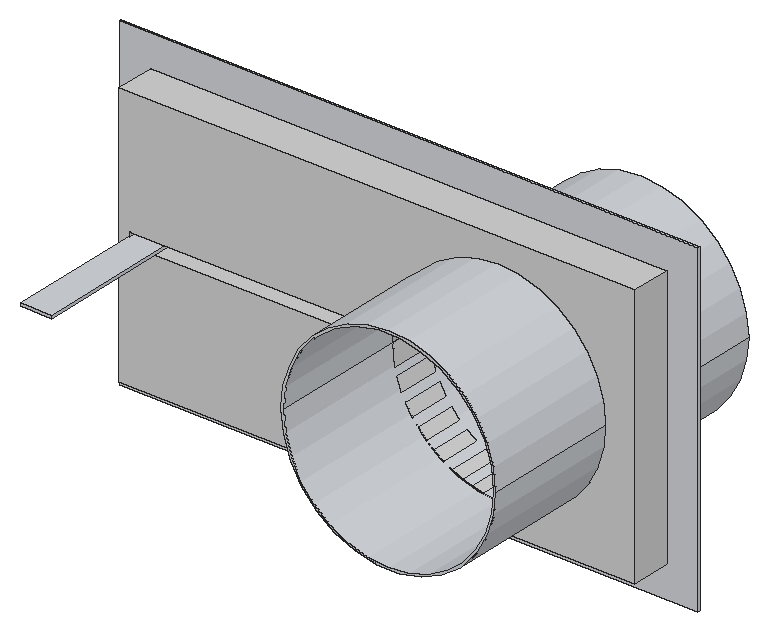
Revit family "НЕВАТОМ_Шибер-D_20220407", category Арматура воздуховодов, Revit 2017
Family settings
  Размер круглого соединителя = Использовать диаметр
  Тип детали = Вставляется
  На основе рабочей плоскости = Нет
  Всегда вертикально = Нет
  При загрузке вырезать с полостями = Нет
  Общий = Нет
Parameters (values of type "100")
  Материал корпуса = Материал корпуса
  t = 1 mm  # constant formula
  Nevatom_Частотный преобразователь = ""
  Nevatom_Регулятор расхода = ""
  Nevatom_URL = "https://t.me/NEVATOM_Bim_bot"
  Nevatom_ Для задания электроснабжения = ""
  L = 15 mm  # constant formula
  Dt = D + 2 * t  # 102 mm
  D+5 = D / 2 + 15 mm  # 65 mm
  B = 275 mm
  ADSK_Ток = 0 A
  ADSK_Размер_Ширина = 150 mm  # constant formula
  ADSK_Размер_Длина = B  # 275 mm
  ADSK_Размер_Высота = A  # 155 mm
  ADSK_Полная мощность = 0 VA
  ADSK_Напряжение = 0 V
  ADSK_Материал наименование = "Оцинкованная сталь"  # constant formula
  A = 155 mm
  20 = 20 mm
  150 = 150 mm
  D = 100 mm
  ADSK_Расход воздуха = 0.0 L/s
  ADSK_Примечание = ""
  ADSK_Потеря давления воздуха = 0.0 Pa
  ADSK_Позиция = ""
  ADSK_Наименование = "Шибер"
  ADSK_Масса_Текст = "кг"
  ADSK_Масса = 0
  ADSK_Марка = "100–ОЦ.–0,7–T2.T2"
  ADSK_Код изделия = ""
  ADSK_Завод-изготовитель = "NEVATOM"
  ADSK_Единица измерения = "шт."
Types (16, lengths in mm): name | Dt | D+5 | B | ADSK_Размер_Длина | ADSK_Размер_Высота | A | D | ADSK_Марка
  (no name) | 102 | 65 | 275 | 275 | 155 | 155 | 100 | "100–ОЦ.–0,7–T2.T2"
  100 | 102 | 65 | 275 | 275 | 155 | 155 | 100 | "100–ОЦ.–0,7–T2.T2"
  125 | 127 | 77.5 | 320 | 320 | 180 | 180 | 125 | "125–ОЦ.–0,7–T2.T2"
  160 | 162 | 95 | 405 | 405 | 225 | 225 | 160 | "160–ОЦ.–0,7–T2.T2"
  200 | 202 | 115 | 485 | 485 | 265 | 265 | 200 | "200–ОЦ.–0,7–T2.T2"
  250 | 252 | 140 | 585 | 585 | 315 | 315 | 250 | "250–ОЦ.–0,7–T2.T2"
  280 | 282 | 155 | 615 | 615 | 345 | 345 | 280 | "280–ОЦ.–0,7–T2.T2"
  315 | 317 | 172.5 | 715 | 715 | 380 | 380 | 315 | "315–ОЦ.–0,7–T2.T2"
  355 | 357 | 192.5 | 795 | 795 | 420 | 420 | 355 | "355–ОЦ.–0,7–T2.T2"
  400 | 402 | 215 | 885 | 885 | 465 | 465 | 400 | "400–ОЦ.–0,7–T2.T2"
  450 | 452 | 240 | 1005 | 1005 | 515 | 515 | 450 | "450–ОЦ.–0,7–T2.T2"
  500 | 502 | 265 | 1085 | 1085 | 565 | 565 | 500 | "500–ОЦ.–0,7–T2.T2"
  560 | 562 | 295 | 1205 | 1205 | 625 | 625 | 560 | "560–ОЦ.–0,7–T2.T2"
  630 | 632 | 330 | 1365 | 1365 | 695 | 695 | 630 | "630–ОЦ.–0,7–T2.T2"
  710 | 712 | 370 | 1505 | 1505 | 782 | 782 | 710 | "710–ОЦ.–0,7–T2.T2"
  800 | 802 | 415 | 1685 | 1685 | 885 | 885 | 800 | "800–ОЦ.–0,7–T2.T2"
Reference planes
  plane 1 "По центру (Вперед/Назад)": y = 0
  plane 2: z = 0
  plane 3 "По центру (Влево/Вправо)": x = 0
  plane 4: z = 62.5
  plane 5: z = -62.5
  plane 6: y = 10
  plane 7: y = -75
  plane 8: y = 75
  plane 9: y = -10
  plane 10: x = 80
  plane 11: x = -195
  plane 12: z = 77.5
  plane 13: z = -77.5
  plane 14: x = -180
  plane 15: x = 65
  plane 16: x = -175
Forms (mm)
  Extrusion 1, solid
    sketch origin (-112.5, 0, 0) x (1, 0, 0) y (0, 0, 1)
      loop
        circle (112.5, 0) r 50
      loop
        circle (112.5, 0) r 51
    from -75 to 75
  Extrusion 2, solid, material "Материал корпуса" <- "Материал корпуса"
    sketch origin (-112.5, 0, 0) x (1, 0, 0) y (0, 0, 1)
      loop
        line (-67.5, 62.5) -> (-67.5, -62.5) -> (177.5, -62.5) -> (177.5, 62.5) -> (-67.5, 62.5)
    from -10 to 10
  Extrusion 3, solid
    sketch origin (-112.5, 0, 0) x (1, 0, 0) y (0, 0, 1)
      loop
        line (-82.5, 77.5) -> (-82.5, -77.5) -> (192.5, -77.5) -> (192.5, 77.5) -> (-82.5, 77.5)
      loop
        line (-67.5, 62.5) -> (-67.5, -62.5) -> (177.5, -62.5) -> (177.5, 62.5) -> (-67.5, 62.5)
    from -10 to -9
  Extrusion 4, void
    sketch origin (-112.5, 0, 0) x (1, 0, 0) y (0, 0, 1)
      loop
        circle (112.5, 0) r 50
    from -75 to 75
  Extrusion 5, void
    sketch origin (-112.5, 0, 0) x (1, 0, 0) y (0, 0, 1)
      loop
        line (-62.5, 3) -> (-62.5, -3) -> (39.5, -3) -> (39.5, 3) -> (-62.5, 3)
    from 0 to 10
  Extrusion 6, solid
    sketch origin (-112.5, 0, 0) x (1, 0, 0) y (0, 0, 1)
      loop
        line (-62.5, 1.198) -> (-62.5, 0) -> (-47.5, 0) -> (-47.5, 1.198) -> (-62.5, 1.198)
    from 0 to 75
Cuts and joins
  Extrusion 4 cuts Extrusion 1
  Extrusion 4, Extrusion 5 cuts Extrusion 2
Dimensions and locks
  equal spacing: plane 6, plane 1 "По центру (Вперед/Назад)", plane 9
  "20": plane 6 to plane 9
  equal spacing: plane 8, plane 1 "По центру (Вперед/Назад)", plane 7
  "150": plane 8 to plane 7
  plane 11 to plane 3 "По центру (Влево/Вправо)" to plane 10 = 195 mm, 80 mm
  "B": plane 11 to plane 10
  plane 3 "По центру (Влево/Вправо)" to plane 10 = 80 mm
  "A": plane 12 to plane 13
  plane 10 to plane 11 = 275 mm
  equal spacing: plane 12, level, plane 13
  "L": plane 5 to plane 13
  "L": plane 12 to plane 4
  "L": plane 14 to plane 11
  "L": plane 10 to plane 15
  "t": plane 6 to Extrusion 3
  locked: plane 16 to plane 14 at 5
  equal spacing: Extrusion 5 sketch curve, level, Extrusion 5 sketch curve
  locked: Extrusion 5 sketch curve to Extrusion 5 sketch curve at 6
  plane 6 to plane 7 = 85 mm
  locked: Extrusion 6 sketch curve to plane 16 at 15
  locked: Extrusion 6 sketch curve to level at 1.198
  "Dt": plane 16 to cut or joined group of Extrusion 2, Extrusion 4, Extrusion 5
  "D+5": plane 3 "По центру (Влево/Вправо)" to plane 15
  "D": diameter of Extrusion 1 sketch curve
  "Dt": diameter of Extrusion 1 sketch curve
  "D": diameter of Extrusion 4 sketch curve
  aligned and locked: level to plane 2
  aligned and locked: plane 8 to Extrusion 1
  aligned and locked: Extrusion 1 to plane 7
  aligned and locked: plane 5 to Extrusion 2 sketch curve
  aligned and locked: Extrusion 2 sketch curve to plane 15
  aligned and locked: Extrusion 2 sketch curve to plane 4
  aligned and locked: plane 14 to Extrusion 2 sketch curve
  aligned and locked: plane 6 to Extrusion 2
  aligned and locked: Extrusion 2 to plane 9
  aligned and locked: Extrusion 2 to plane 6
  aligned and locked: plane 9 to Extrusion 2
  aligned and locked: Extrusion 3 sketch curve to plane 4
  aligned and locked: Extrusion 3 sketch curve to plane 12
  aligned and locked: plane 14 to Extrusion 3 sketch curve
  aligned and locked: plane 11 to Extrusion 3 sketch curve
  aligned and locked: plane 5 to Extrusion 3 sketch curve
  aligned and locked: plane 13 to Extrusion 3 sketch curve
  aligned and locked: Extrusion 3 sketch curve to plane 15
  aligned and locked: Extrusion 3 sketch curve to plane 10
  aligned and locked: plane 6 to Extrusion 3
  aligned and locked: Extrusion 3 to plane 6
  aligned and locked: Extrusion 1 to Extrusion 4  (x2)
  aligned and locked: cut or joined group of Extrusion 2, Extrusion 4, Extrusion 5 to plane 9
  aligned and locked: plane 16 to Extrusion 5 sketch curve
  aligned and locked: plane 9 to cut or joined group of Extrusion 2, Extrusion 4, Extrusion 5  (x2)
  aligned and locked: plane 16 to Extrusion 6 sketch curve
  aligned and locked: plane 2 to Extrusion 6 sketch curve
  aligned and locked: Extrusion 6 to plane 1 "По центру (Вперед/Назад)"
  aligned and locked: Extrusion 6 to plane 16  (x2)
  aligned and locked: Extrusion 6 to plane 7
  aligned and locked: cut or joined group of Extrusion 2, Extrusion 4, Extrusion 5 to plane 16
  aligned and locked: cut or joined group of Extrusion 2, Extrusion 4, Extrusion 5 to plane 1 "По центру (Вперед/Назад)"
  aligned and locked: plane 1 "По центру (Вперед/Назад)" to Extrusion 6
  aligned and locked: cut or joined group of Extrusion 1, Extrusion 4 to plane 7
  aligned and locked: plane 8 to cut or joined group of Extrusion 1, Extrusion 4
  aligned and locked: nested 1 to Extrusion 6  (x2)
  aligned and locked: Extrusion 6 to nested 1
Automatic sketch dimensions
  Extrusion 5 sketch curve to plane 3 "По центру (Влево/Вправо)" = 73 mm
  Extrusion 1 sketch curve to Extrusion 1 sketch curve = 0 mm  (x2)
  Extrusion 1 sketch curve to level = 0 mm
  Extrusion 1 sketch curve to plane 3 "По центру (Влево/Вправо)" = 0 mm
  Extrusion 4 sketch curve to level = 0 mm
  Extrusion 4 sketch curve to plane 3 "По центру (Влево/Вправо)" = 0 mm
Nested families
  nested 1: "НЕВАТОМ_QR-AxB" at (-185, -50, 0), type "Nevatom_Logo_50x50", not visible
Connectors
  hvac at (0, -75, 0), driven by "D"
    settings: on cut or joined group of Extrusion 1, Extrusion 4, index 1, duct flow 0.0 L/s, flow factor 0, pres drop 0.0 Pa, loss coef 0, conn angle 0.00°, conn width 304.8 mm, conn height 304.8 mm, conn diameter 100 mm, duct sys type 28, conn prof type 0, flow config 0, flow direction 0, loss method 0, conn ref index 2, conn util no, is conn primary yes, conn desc ""
  hvac at (0, 75, 0), driven by "D"
    settings: on cut or joined group of Extrusion 1, Extrusion 4, index 2, duct flow 0.0 L/s, flow factor 0, pres drop 0.0 Pa, loss coef 0, conn angle 0.00°, conn width 304.8 mm, conn height 304.8 mm, conn diameter 100 mm, duct sys type 28, conn prof type 0, flow config 0, flow direction 0, loss method 0, conn ref index 1, conn util no, is conn primary no, conn desc ""
Definition of nested family "НЕВАТОМ_QR-AxB"
  Parameters (values of type "Nevatom_Logo_25x25")
    Logo_Image = none
    L = 2 mm
    B = A  # 25 mm
    A = 25 mm
  Types (5, lengths in mm): name | B | A
    (no name) | 25 | 25
    Nevatom_Logo_200x200 | 200 | 200
    Nevatom_Logo_100x100 | 100 | 100
    Nevatom_Logo_50x50 | 50 | 50
    Nevatom_Logo_25x25 | 25 | 25
  Reference planes
    plane 1 "По центру (Вперед/Назад)": y = 0
    plane 2: z = 0
    plane 3 "По центру (Влево/Вправо)": x = 0
    plane 4: x = -12.5
    plane 5: x = 12.5
    plane 6: y = 12.5
    plane 7: y = -12.5
  Forms (mm)
    Extrusion 1, solid, material <- "Logo_Image"
      sketch origin (0, 0, 0) x (1, 0, 0) y (0, 1, 0)
        loop
          line (-12.5, 12.5) -> (-12.5, -12.5) -> (12.5, -12.5) -> (12.5, 12.5) -> (-12.5, 12.5)
      from 0 to 2 <- "L"
  Lines and regions (mm)
    reference lines
      curve 1: line (-12.5, 12.5, 0) -> (12.5, 12.5, 0)
      curve 2: line (12.5, 12.5, 0) -> (12.5, -12.5, 0)
      curve 3: line (12.5, -12.5, 0) -> (-12.5, -12.5, 0)
      curve 4: line (-12.5, -12.5, 0) -> (-12.5, 12.5, 0)
  Dimensions and locks
    equal spacing: plane 4, plane 3 "По центру (Влево/Вправо)", plane 5
    "A": plane 4 to plane 5
    equal spacing: plane 6, plane 1 "По центру (Вперед/Назад)", plane 7
    "B": plane 6 to plane 7
    aligned and locked: level to plane 2
    aligned and locked: plane 6 to curve 1
    aligned and locked: plane 4 to curve 4
    aligned and locked: plane 5 to curve 2
    aligned and locked: plane 7 to curve 3
    aligned and locked: Extrusion 1 sketch curve to curve 1
    aligned and locked: Extrusion 1 sketch curve to curve 4
    aligned and locked: Extrusion 1 sketch curve to curve 3
    aligned and locked: Extrusion 1 sketch curve to curve 2
